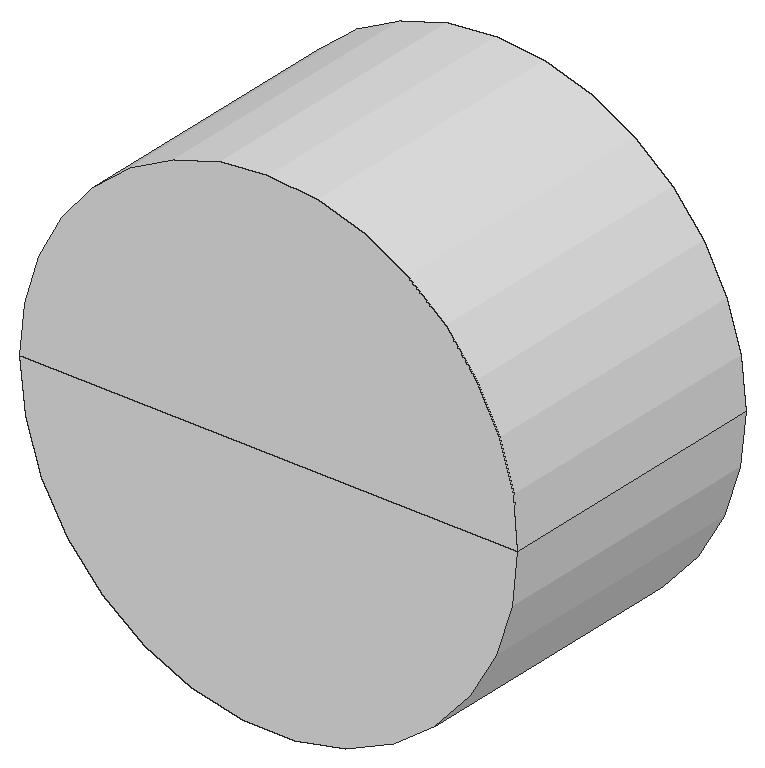
Revit family "CWST-WW-S6 ENScape optisk signalgiver hvit_Vegg", category Fire Alarm Devices, Revit 2016
Family settings
  Maintain Annotation Orientation = Yes
  Part Type = Normal
  Round Connector Dimension = Use Diameter
  OmniClass Number = 23.85.30.21.11.17
  OmniClass Title = Other Components
  Work Plane-Based = No
  Always vertical = No
  Cut with Voids When Loaded = No
  Shared = No
  Room Calculation Point = No
Parameters (values of type "Optisk signalgiver")
  Type Comments = "-XH"
  Reference Line Out [instance] = 45.00 mm
  NS8360 = "5423_XN2"
  Manufacturer = "Honeywell"
  Keynote = "XN2"
  CQ Symbol Positive Direction [instance] = yes
  CQ Symbol Offset Side [instance] = 0.00 mm
  CQ Symbol Offset Out [instance] = 0.00 mm
  CQ Material = Plastic - White
  CQ Length B = 72.00 mm
  CQ Length A = 100.00 mm
  Assembly Code = "5423"
Reference planes
  plane 1 "Center (Front/Back)": y = 0
  plane 2: z = 0
  plane 3 "Center (Left/Right)": x = 0
  plane 4: x = -50
  plane 5: x = 50
  plane 6: y = 72
  plane 7: y = 57
Forms (mm)
  Revolve 1, solid, material "Plastic - White" <- "CQ Material"
    sketch origin (0, 0, 0) x (1, 0, 0) y (0, -1, 0)
      loop
        line (0, 0) -> (0, -72) -> (1, -72)
        arc (1, -72) -> (19.581, -68.083) -> (35, -57) r 46.033
        line (35, -57) -> (50, -57) -> (50, 0) -> (0, 0)
      axis (0, 0) -> (0, -72)
    angle from 0 to 360
Lines and regions (mm)
  model lines, style "InvisibleLines"
    curve 1: line (0, 0, 0) -> (0, 45, 0)
Dimensions and locks
  "Reference Line Out": plane 1 "Center (Front/Back)" to curve 1
  "CQ Length B": plane 6 to plane 1 "Center (Front/Back)"
  plane 6 to plane 7 = 15.00 mm
  equal spacing: plane 4, plane 3 "Center (Left/Right)", plane 5
  "CQ Length A": plane 4 to plane 5
  aligned and locked: level to plane 2
  aligned and locked: curve 1 to plane 3 "Center (Left/Right)"
  aligned and locked: plane 1 "Center (Front/Back)" to curve 1
  aligned and locked: curve 1 to plane 2
  aligned and locked: plane 1 "Center (Front/Back)" to Revolve 1 sketch curve
  aligned and locked: plane 3 "Center (Left/Right)" to nested 1
  aligned and locked: plane 1 "Center (Front/Back)" to nested 1
  aligned and locked: plane 7 to Revolve 1 sketch curve
  aligned and locked: Revolve 1 sketch curve to plane 6
Automatic sketch dimensions
  Revolve 1 sketch curve to plane 3 "Center (Left/Right)" = 0.00 mm  (x2)
  Revolve 1 sketch curve to plane 5 = 0.00 mm
  Revolve 1 sketch curve to plane 6 = 0.00 mm
  Revolve 1 sketch curve to plane 3 "Center (Left/Right)" = 1.00 mm
  plane 1 "Center (Front/Back)" to Revolve 1 sketch curve = 25.967 mm
  Revolve 1 sketch curve to plane 1 "Center (Front/Back)" = 2000.00 mm
Nested families
  nested 1: "Optisk alarmapparat" at (0, 0, 0), type "Type 1"
Connectors
  electrical at (0, 0, 0)
    settings: index 1, voltage 0 V, apparent load 0 VA, apparent load phase1 0 VA, apparent load phase2 0 VA, apparent load phase3 0 VA, power factor 1, load classification "Other", number of poles 1, system type 11, power factor state 1, is connector primary yes, connector utility no, sub classification motor no, connector description ""
Definition of nested family "Optisk alarmapparat"
  Parameters
    CQ Symbol Positive Direction = yes
    CQ Symbol Negative Direction = not(CQ Symbol Positive Direction)  # no
    CQ Symbol Offset Side = 0.00 mm
    CQ Symbol Offset Out = 1.00 mm
  Reference planes
    plane 1: y = 0
    plane 2: x = 0
  Dimensions and locks
    "CQ Symbol Offset Out": plane 1 to nested 2
    "CQ Symbol Offset Out": plane 1 to nested 1
    "CQ Symbol Offset Side": plane 2 to nested 1
    "CQ Symbol Offset Side": nested 2 to plane 2
  Nested families
    nested 1: "Optisk AlarmapparatSub" at (0, 1, 0), visible <- "CQ Symbol Positive Direction", type "Type 1"
    nested 2: "Optisk AlarmapparatSub" at (0, 1, 0), visible <- "CQ Symbol Negative Direction", type "Type 1"
  Definition of nested family "Optisk AlarmapparatSub"
    Reference planes
      plane 1: y = 0
      plane 2: x = 0
    Lines and regions (mm)
      detail lines
        curve 1: circle (0, 2.5, 0) r 2.5 normal (0, 0, 1)
        curve 2: line (-1.768, 4.268, 0) -> (1.768, 0.732, 0)
        curve 3: line (-1.768, 0.732, 0) -> (1.768, 4.268, 0)
        curve 4: line (-0.001, 5.5, 0) -> (4.748, 5.5, 0)
    Text (mm)
      text "PL" at (1.733, 7.087, 0)
